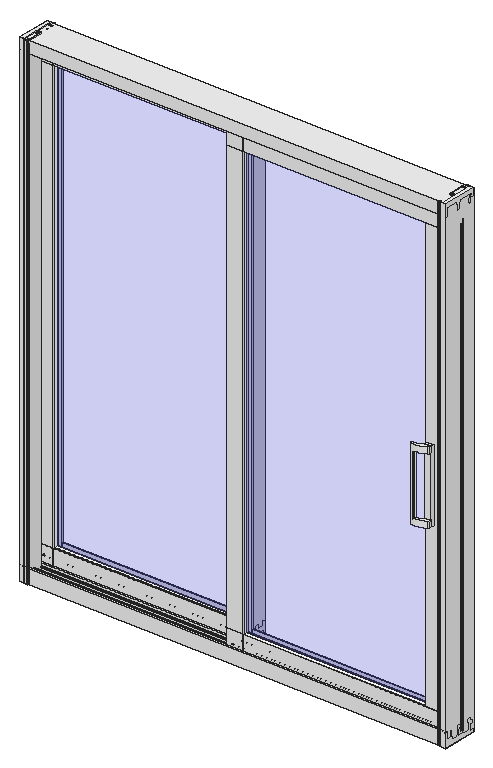
Revit family "Patio-Door_2900_Novatech", category Doors, host Wall, Revit 2026 (continued)
Definition of nested family "NOVATECH_2900_DOOR FRAME"
  Definition of nested family "NOVATECH 650_2 LIGHT_DOOR FRAME_RIGHT"
    Forms (in)
      Extrusion 1, solid, material <- "Frame Material"
        sketch origin (0, 0, 0) x (1, 0, 0) y (0, 1, 0)
          loop
            line (0.762, -0.6555) -> (0.762, -0.7715) -> (0.68, -0.7715) -> (0.68, -0.86114) -> (0.71614, -0.86114) -> (0.71614, -0.8215) -> (0.762, -0.8215) -> (0.762, -1.0275) -> (0.71614, -1.0275) -> (0.71614, -0.98786) -> (0.68, -0.98786) -> (0.68, -1.3155)
            arc (0.68, -1.3155) -> (0.68879, -1.33671) -> (0.71, -1.3455) r 0.03
            line (0.71, -1.3455) -> (0.792, -1.3455)
            arc (0.792, -1.3455) -> (0.81321, -1.33671) -> (0.822, -1.3155) r 0.03
            line (0.822, -1.3155) -> (0.822, -1.26379) -> (0.787, -1.26379) -> (0.787, -1.29536) -> (0.742, -1.29536) -> (0.742, -1.0895) -> (0.787, -1.0895) -> (0.787, -1.13) -> (0.822, -1.13) -> (0.822, -0.6555)
            arc (0.822, -0.6555) -> (0.83079, -0.63429) -> (0.852, -0.6255) r 0.03
            line (0.852, -0.6255) -> (3.03454, -0.6255) -> (3.03454, -0.71826) -> (2.97454, -0.70328) -> (2.97454, -0.75481) -> (3.03454, -0.76979) -> (3.03454, -0.94501) -> (2.89096, -0.90917) -> (2.89096, -0.96756) -> (2.94094, -1.04053) -> (2.94094, -1.11021) -> (2.97594, -1.11021) -> (2.97594, -1.06971) -> (3.02094, -1.06971) -> (3.02094, -1.27571) -> (2.97594, -1.27571) -> (2.97594, -1.23521) -> (2.94094, -1.23521) -> (2.94094, -1.34571) -> (3.30305, -1.34571) -> (3.30305, -1.23521) -> (3.26805, -1.23521) -> (3.26805, -1.27571) -> (3.22305, -1.27571) -> (3.22305, -1.06971) -> (3.26805, -1.06971) -> (3.26805, -1.11021) -> (3.30305, -1.11021) -> (3.30305, -1.04661) -> (3.27373, -1.00473) -> (3.10454, -0.96249) -> (3.10454, -0.78727) -> (3.31952, -0.84094)
            arc (3.31952, -0.84094) -> (3.34983, -0.82274) -> (3.33163, -0.79243) r 0.025
            line (3.33163, -0.79243) -> (3.10454, -0.73573) -> (3.10454, -0.62571) -> (5.6275, -0.62571) -> (5.6275, -1.0395) -> (5.45994, -1.0395) -> (5.45994, -1.13) -> (5.49494, -1.13) -> (5.49494, -1.0895) -> (5.53994, -1.0895) -> (5.53994, -1.1555) -> (5.57494, -1.1555) -> (5.57494, -1.0895) -> (5.6275, -1.0895) -> (5.6275, -1.2955) -> (5.57494, -1.2955) -> (5.57494, -1.2295) -> (5.53994, -1.2295) -> (5.53994, -1.2955) -> (5.49494, -1.2955) -> (5.49494, -1.255) -> (5.45994, -1.255) -> (5.45994, -1.3055)
            arc (5.45994, -1.3055) -> (5.47165, -1.33378) -> (5.49994, -1.3455) r 0.04
            line (5.49994, -1.3455) -> (5.6875, -1.3455) -> (5.6875, 0)
          loop
            arc (0.8713, -1.32675) -> (0.87139, -1.35092) -> (0.85047, -1.36303) r 0.02412
            line (0.85047, -1.36303) -> (0.73998, -1.36303) -> (0.73998, -1.41053) -> (3.2399, -1.41053) -> (3.2399, -1.35443) -> (2.91386, -1.35443) -> (2.91386, -1.22159) -> (2.96303, -1.22159) -> (2.96303, -1.18675) -> (2.90015, -1.14434) -> (2.85386, -1.14434) -> (2.85386, -1.35053) -> (0.94979, -1.35053) -> (0.85606, -1.19005)
            arc (0.85606, -1.19005) -> (0.82352, -1.17278) -> (0.79355, -1.1942) r 0.035
            line (0.79355, -1.1942) -> (0.78003, -1.22653)
            arc (0.78003, -1.22653) -> (0.78156, -1.24247) -> (0.79568, -1.25003) r 0.01696
            line (0.79568, -1.25003) -> (0.82649, -1.25003) -> (0.8713, -1.32675)
        from 8 to 87.5
    Dimensions and locks (in)
      "Length": plane 4 to plane 2
      aligned and locked: plane 4 to Extrusion 1
      aligned and locked: Extrusion 1 to plane 2
    Automatic sketch dimensions
      plane 1 "Center (Front/Back)" to Extrusion 1 sketch curve = 0"
      Extrusion 1 sketch curve to plane 3 "Center (Left/Right)" = 0"
      plane 3 "Center (Left/Right)" to Extrusion 1 sketch curve = 0.06"
      Extrusion 1 sketch curve to Extrusion 1 sketch curve = 0.03"  (x4)
      Extrusion 1 sketch curve to Extrusion 1 sketch curve = 0.59"
      Extrusion 1 sketch curve to Extrusion 1 sketch curve = 0"  (x3)
      Extrusion 1 sketch curve to Extrusion 1 sketch curve = 0.03614"  (x2)
      Extrusion 1 sketch curve to Extrusion 1 sketch curve = 0.052"
      Extrusion 1 sketch curve to Extrusion 1 sketch curve = 0.02998"
      Extrusion 1 sketch curve to Extrusion 1 sketch curve = 0.032"
      Extrusion 1 sketch curve to Extrusion 1 sketch curve = 0.04586"  (x2)
      Extrusion 1 sketch curve to Extrusion 1 sketch curve = 0.03803"
      Extrusion 1 sketch curve to Extrusion 1 sketch curve = 0.045"  (x6)
      Extrusion 1 sketch curve to Extrusion 1 sketch curve = 0.00697"
      Extrusion 1 sketch curve to Extrusion 1 sketch curve = 0.005"  (x2)
      Extrusion 1 sketch curve to Extrusion 1 sketch curve = 0.01351"
      Extrusion 1 sketch curve to Extrusion 1 sketch curve = 0.01565"
      Extrusion 1 sketch curve to Extrusion 1 sketch curve = 0.06"  (x3)
      Extrusion 1 sketch curve to Extrusion 1 sketch curve = 0.03229"
      Extrusion 1 sketch curve to Extrusion 1 sketch curve = 0.00449"
      Extrusion 1 sketch curve to Extrusion 1 sketch curve = 0.02847"
      Extrusion 1 sketch curve to Extrusion 1 sketch curve = 0.03022"
      Extrusion 1 sketch curve to Extrusion 1 sketch curve = 0.02083"
      Extrusion 1 sketch curve to Extrusion 1 sketch curve = 0.07849"
      Extrusion 1 sketch curve to Extrusion 1 sketch curve = 1.90407"
      plane 1 "Center (Front/Back)" to Extrusion 1 sketch curve = 0.90917"
      Extrusion 1 sketch curve to Extrusion 1 sketch curve = 0.03711"
      plane 1 "Center (Front/Back)" to Extrusion 1 sketch curve = 1.14434"
      Extrusion 1 sketch curve to Extrusion 1 sketch curve = 0.04629"
      plane 1 "Center (Front/Back)" to Extrusion 1 sketch curve = 1.04053"
      Extrusion 1 sketch curve to Extrusion 1 sketch curve = 0.04998"
      Extrusion 1 sketch curve to Extrusion 1 sketch curve = 0.02708"
      plane 1 "Center (Front/Back)" to Extrusion 1 sketch curve = 1.18675"
      Extrusion 1 sketch curve to Extrusion 1 sketch curve = 0.02209"
      plane 1 "Center (Front/Back)" to Extrusion 1 sketch curve = 0.75481"
      Extrusion 1 sketch curve to Extrusion 1 sketch curve = 0.08358"
      Extrusion 1 sketch curve to Extrusion 1 sketch curve = 0.035"  (x8)
      Extrusion 1 sketch curve to Extrusion 1 sketch curve = 0.0136"
      Extrusion 1 sketch curve to Extrusion 1 sketch curve = 0.07"  (x3)
      Extrusion 1 sketch curve to Extrusion 1 sketch curve = 0.20211"
      Extrusion 1 sketch curve to Extrusion 1 sketch curve = 0.01686"
      plane 1 "Center (Front/Back)" to Extrusion 1 sketch curve = 1.00473"
      Extrusion 1 sketch curve to Extrusion 1 sketch curve = 0.00569"
      plane 1 "Center (Front/Back)" to Extrusion 1 sketch curve = 1.04661"
      plane 1 "Center (Front/Back)" to Extrusion 1 sketch curve = 0.84094"
      Extrusion 1 sketch curve to Extrusion 1 sketch curve = 0.04578"
      Extrusion 1 sketch curve to Extrusion 1 sketch curve = 0.00606"  (x2)
      plane 1 "Center (Front/Back)" to Extrusion 1 sketch curve = 0.79243"
      plane 1 "Center (Front/Back)" to Extrusion 1 sketch curve = 1.0395"
      Extrusion 1 sketch curve to Extrusion 1 sketch curve = 2.12831"
      Extrusion 1 sketch curve to Extrusion 1 sketch curve = 0.05256"  (x2)
      Extrusion 1 sketch curve to Extrusion 1 sketch curve = 0.22756"
      Extrusion 1 sketch curve to Extrusion 1 sketch curve = 0.00415"
      Extrusion 1 sketch curve to Extrusion 1 sketch curve = 0.03484"
      Extrusion 1 sketch curve to Extrusion 1 sketch curve = 0.03233"
      Extrusion 1 sketch curve to Extrusion 1 sketch curve = 0.19"  (x2)
      Extrusion 1 sketch curve to Extrusion 1 sketch curve = 0.00654"
      Extrusion 1 sketch curve to Extrusion 1 sketch curve = 0.01362"
      Extrusion 1 sketch curve to Extrusion 1 sketch curve = 0.18859"
      Extrusion 1 sketch curve to Extrusion 1 sketch curve = 0.01376"
      Extrusion 1 sketch curve to Extrusion 1 sketch curve = 0.0255"  (x2)
      Extrusion 1 sketch curve to Extrusion 1 sketch curve = 0.0405"  (x7)
      Extrusion 1 sketch curve to Extrusion 1 sketch curve = 0.03157"
      Extrusion 1 sketch curve to Extrusion 1 sketch curve = 0.066"
      Extrusion 1 sketch curve to Extrusion 1 sketch curve = 0.01"
      Extrusion 1 sketch curve to Extrusion 1 sketch curve = 0.02014"
      Extrusion 1 sketch curve to Extrusion 1 sketch curve = 0.01125"
      Extrusion 1 sketch curve to Extrusion 1 sketch curve = 0.01216"
      Extrusion 1 sketch curve to Extrusion 1 sketch curve = 0.02378"
      Extrusion 1 sketch curve to Extrusion 1 sketch curve = 0.00873"
      Extrusion 1 sketch curve to Extrusion 1 sketch curve = 0.0475"
      Extrusion 1 sketch curve to Extrusion 1 sketch curve = 0.074"
      Extrusion 1 sketch curve to Extrusion 1 sketch curve = 0.0642"
      Extrusion 1 sketch curve to Extrusion 1 sketch curve = 0.07654"
      Extrusion 1 sketch curve to Extrusion 1 sketch curve = 0.06359"
      Extrusion 1 sketch curve to Extrusion 1 sketch curve = 0.05"  (x2)
      Extrusion 1 sketch curve to Extrusion 1 sketch curve = 0.062"
      Extrusion 1 sketch curve to Extrusion 1 sketch curve = 0.03964"  (x2)
      Extrusion 1 sketch curve to Extrusion 1 sketch curve = 0.05839"
      Extrusion 1 sketch curve to Extrusion 1 sketch curve = 0.10722"
      Extrusion 1 sketch curve to Extrusion 1 sketch curve = 0.01748"
      Extrusion 1 sketch curve to Extrusion 1 sketch curve = 0.12672"
      Extrusion 1 sketch curve to Extrusion 1 sketch curve = 0.03245"
      Extrusion 1 sketch curve to Extrusion 1 sketch curve = 0.01498"
      Extrusion 1 sketch curve to Extrusion 1 sketch curve = 0.05153"  (x3)
      Extrusion 1 sketch curve to Extrusion 1 sketch curve = 0.116"
      Extrusion 1 sketch curve to Extrusion 1 sketch curve = 0.00021"
      Extrusion 1 sketch curve to Extrusion 1 sketch curve = 0.41379"
  Definition of nested family "HEADER PROFILE"
    Parameters (values of type "HEADER PROFILE")
      Length [instance] = 12"
      Frame Material = none
      Default Elevation = 0"
    Reference planes (in)
      plane 1 "Center (Front/Back)": y = -0.1877
      plane 2: z = 0
      plane 3 "Center (Left/Right)": x = 0
      plane 4: x = 12
    Forms (in)
      Extrusion 1, solid, material <- "Frame Material"
        sketch origin (0, -4.875, -4.50465) x (0, 1, 0) y (0, 0, 1)
          loop
            line (4.6873, 4.50465) -> (-0.9202, 4.50465) -> (-0.9202, 2.62968) -> (-0.7582, 2.62968) -> (-0.7582, 2.73968) -> (-0.8082, 2.73968) -> (-0.8082, 2.69968) -> (-0.8582, 2.69968) -> (-0.8582, 2.90468) -> (-0.8082, 2.90468) -> (-0.8082, 2.86468) -> (-0.7582, 2.86468) -> (-0.7582, 2.97468) -> (-0.8402, 2.97468) -> (-0.8402, 3.87966) -> (1.39689, 3.87966) -> (1.47822, 2.95001) -> (1.42159, 2.95001) -> (1.42159, 2.85751) -> (1.47159, 2.85751) -> (1.47159, 2.89948) -> (1.52159, 2.89948) -> (1.52159, 2.69001) -> (1.47159, 2.69001) -> (1.47159, 2.73251) -> (1.42159, 2.73251) -> (1.42159, 2.64001) -> (1.71609, 2.64001) -> (1.71609, 2.6949) -> (1.76609, 2.6949) -> (1.76609, 2.74512) -> (1.71609, 2.74512) -> (1.71609, 2.85174) -> (1.76609, 2.85174) -> (1.76609, 2.88267) -> (1.74842, 2.91328) -> (1.76024, 3.04839) -> (1.83297, 3.87971) -> (3.9278, 3.87971) -> (3.9278, 3.14127) -> (3.8778, 3.14127) -> (3.8778, 3.05127) -> (3.9128, 3.05127) -> (3.9128, 3.09127) -> (3.9578, 3.09127) -> (3.9578, 2.88627) -> (3.9128, 2.88627) -> (3.9128, 2.92627) -> (3.8778, 2.92627) -> (3.8778, 2.81811) -> (3.9578, 2.81811) -> (3.9578, 2.72506) -> (3.8928, 2.72506) -> (3.8928, 2.61721) -> (4.0078, 2.61721) -> (4.0078, 3.87971) -> (4.30794, 3.87971) -> (4.30794, 3.45825)
            arc (4.30794, 3.45825) -> (4.33794, 3.37971) -> (4.36794, 3.45825) r 0.045
            line (4.36794, 3.45825) -> (4.36794, 3.87971) -> (4.6273, 3.87971) -> (4.6273, 3.25471) -> (4.6873, 3.25471) -> (4.6873, 4.50465)
        from 0 to 12
    Dimensions and locks (in)
      "Length": plane 3 "Center (Left/Right)" to plane 4
      aligned and locked: plane 2 to level
      aligned and locked: Extrusion 1 to plane 4
      aligned and locked: Extrusion 1 to plane 3 "Center (Left/Right)"
    Automatic sketch dimensions
      Extrusion 1 sketch curve to level = 0"
      plane 1 "Center (Front/Back)" to Extrusion 1 sketch curve = 0.06"
      Extrusion 1 sketch curve to Extrusion 1 sketch curve = 0.25936"
      Extrusion 1 sketch curve to Extrusion 1 sketch curve = 0.03"  (x2)
      Extrusion 1 sketch curve to Extrusion 1 sketch curve = 0.06"
      plane 1 "Center (Front/Back)" to Extrusion 1 sketch curve = 0.6795"
      Extrusion 1 sketch curve to Extrusion 1 sketch curve = 0.05"  (x13)
      Extrusion 1 sketch curve to Extrusion 1 sketch curve = 0"  (x6)
      Extrusion 1 sketch curve to Extrusion 1 sketch curve = 0.045"  (x2)
      Extrusion 1 sketch curve to Extrusion 1 sketch curve = 0.065"
      Extrusion 1 sketch curve to Extrusion 1 sketch curve = 0.035"
      Extrusion 1 sketch curve to level = 0.62494"
      Extrusion 1 sketch curve to Extrusion 1 sketch curve = 2.09483"
      Extrusion 1 sketch curve to Extrusion 1 sketch curve = 0.06688"
      Extrusion 1 sketch curve to level = 1.45626"
      Extrusion 1 sketch curve to Extrusion 1 sketch curve = 0.00585"
      Extrusion 1 sketch curve to Extrusion 1 sketch curve = 0.01767"
      Extrusion 1 sketch curve to Extrusion 1 sketch curve = 0.1945"
      Extrusion 1 sketch curve to Extrusion 1 sketch curve = 0.04337"
      Extrusion 1 sketch curve to level = 5/8"
      Extrusion 1 sketch curve to Extrusion 1 sketch curve = 0.43608"
      Extrusion 1 sketch curve to Extrusion 1 sketch curve = 2.17979"
      Extrusion 1 sketch curve to Extrusion 1 sketch curve = 0.032"
      Extrusion 1 sketch curve to Extrusion 1 sketch curve = 0.062"
      Extrusion 1 sketch curve to Extrusion 1 sketch curve = 0.90499"
      Extrusion 1 sketch curve to Extrusion 1 sketch curve = 0.09838"
      Extrusion 1 sketch curve to Extrusion 1 sketch curve = 0.95343"
      Extrusion 1 sketch curve to Extrusion 1 sketch curve = 0.13511"
      Extrusion 1 sketch curve to Extrusion 1 sketch curve = 0.07"  (x2)
      Extrusion 1 sketch curve to Extrusion 1 sketch curve = 0.05053"
      Extrusion 1 sketch curve to Extrusion 1 sketch curve = 0.04"  (x4)
      Extrusion 1 sketch curve to Extrusion 1 sketch curve = 0.03061"
      Extrusion 1 sketch curve to Extrusion 1 sketch curve = 0.04197"
      Extrusion 1 sketch curve to Extrusion 1 sketch curve = 0.03093"
      Extrusion 1 sketch curve to Extrusion 1 sketch curve = 0.06817"
      Extrusion 1 sketch curve to Extrusion 1 sketch curve = 0.10663"
      Extrusion 1 sketch curve to Extrusion 1 sketch curve = 1/8"  (x3)
      Extrusion 1 sketch curve to Extrusion 1 sketch curve = 0.09305"
      Extrusion 1 sketch curve to Extrusion 1 sketch curve = 0.05021"
      Extrusion 1 sketch curve to Extrusion 1 sketch curve = 0.0425"
      Extrusion 1 sketch curve to Extrusion 1 sketch curve = 0.10785"
      Extrusion 1 sketch curve to Extrusion 1 sketch curve = 0.28343"
      Extrusion 1 sketch curve to Extrusion 1 sketch curve = 0.03354"
      Extrusion 1 sketch curve to Extrusion 1 sketch curve = 0.42146"
      plane 1 "Center (Front/Back)" to Extrusion 1 sketch curve = 0"
      Extrusion 1 sketch curve to Extrusion 1 sketch curve = 0.20354"
  Definition of nested family "NOVATECH_650_2 LIGHT_SILL PROFILE"
    Parameters (values of type "SILL PROFILE")
      built-in parameter 1001306 [instance] = 54"
      Frame Material = none
      Default Elevation = 0"
    Reference planes (in)
      plane 1 "Center (Front/Back)": y = 0
      plane 2: z = 0
      plane 3 "Left": x = 0
      plane 4 "Right": x = 54
    Forms (in)
      Extrusion 1, solid, material <- "Frame Material"
        sketch origin (0, -4.875, 0) x (0, -1, 0) y (0, 0, -1)
          loop
            line (-0.66092, -0.83078) -> (-0.48023, -0.83078) -> (-0.48023, -1.25031) -> (-0.37618, -1.25031) -> (-0.37618, -2.02392) -> (-0.41354, -2.02392) -> (-0.40408, -2.117)
            arc (-0.40408, -2.117) -> (-0.3295, -2.18417) -> (-0.25491, -2.11701) r 0.075
            line (-0.25491, -2.11701) -> (-0.24544, -2.02392) -> (-0.28281, -2.02392) -> (-0.2828, -1.25031) -> (0.57249, -1.25032) -> (0.57249, -2.17117) -> (0.49049, -2.17117) -> (0.49049, -2.27317) -> (0.54048, -2.27317) -> (0.54048, -2.23317) -> (0.59048, -2.23317) -> (0.59048, -2.43817) -> (0.54048, -2.43817) -> (0.54048, -2.39817) -> (0.49048, -2.39817) -> (0.49048, -2.50017) -> (0.65248, -2.50017) -> (0.65248, 0) -> (-4.875, 0) -> (-4.875, -0.43683) -> (-4.213, -0.5021) -> (-4.213, -1.48174)
            arc (-4.213, -1.48174) -> (-4.22179, -1.50295) -> (-4.243, -1.51174) r 0.03
            line (-4.243, -1.51174) -> (-4.55575, -1.51174)
            arc (-4.55575, -1.51174) -> (-4.59818, -1.52931) -> (-4.61575, -1.57174) r 0.06
            line (-4.61575, -1.57174) -> (-4.61575, -1.86899) -> (-4.6595, -1.86899)
            arc (-4.6595, -1.86899) -> (-4.5845, -1.94399) -> (-4.5095, -1.86899) r 0.075
            line (-4.5095, -1.86899) -> (-4.55325, -1.86899) -> (-4.55325, -1.57174) -> (-4.243, -1.57174)
            arc (-4.243, -1.57174) -> (-4.22179, -1.58052) -> (-4.213, -1.60174) r 0.03
            line (-4.213, -1.60174) -> (-4.213, -1.96533) -> (-4.245, -1.98033)
            arc (-4.245, -1.98033) -> (-4.26621, -1.98912) -> (-4.275, -2.01033) r 0.03
            line (-4.275, -2.01033) -> (-4.275, -2.28633)
            arc (-4.275, -2.28633) -> (-4.26621, -2.30755) -> (-4.245, -2.31633) r 0.03
            line (-4.245, -2.31633) -> (-4.163, -2.31633)
            arc (-4.163, -2.31633) -> (-4.14179, -2.30755) -> (-4.133, -2.28633) r 0.03
            line (-4.133, -2.28633) -> (-4.133, -2.22583) -> (-4.168, -2.22583) -> (-4.168, -2.26633) -> (-4.213, -2.26633) -> (-4.213, -2.06033) -> (-4.168, -2.06033) -> (-4.168, -2.10083) -> (-4.133, -2.10083) -> (-4.133, -2.01852) -> (-3.88946, -2.01852) -> (-3.88946, -2.11831)
            arc (-3.88946, -2.11831) -> (-3.88351, -2.14437) -> (-3.86683, -2.16525) r 0.06
            line (-3.86683, -2.16525) -> (-3.80434, -2.21499)
            arc (-3.80434, -2.21499) -> (-3.76219, -2.2102) -> (-3.76698, -2.16805) r 0.03
            line (-3.76698, -2.16805) -> (-3.82946, -2.11831) -> (-3.82946, -2.01852)
            arc (-3.82946, -2.01852) -> (-3.84704, -1.97609) -> (-3.88946, -1.95852) r 0.06
            line (-3.88946, -1.95852) -> (-3.926, -1.95852) -> (-3.926, -1.87376)
            arc (-3.926, -1.87376) -> (-3.96023, -1.84232) -> (-3.98955, -1.87764) r 0.0315
            arc (-3.98955, -1.87764) -> (-4.09557, -1.94967) -> (-4.09203, -1.82155) r 0.072
            arc (-4.09203, -1.82155) -> (-4.07488, -1.78616) -> (-4.1056, -1.76162) r 0.0315
            line (-4.1056, -1.76162) -> (-4.133, -1.74244) -> (-4.133, -0.66173) -> (-3.81002, -0.68086) -> (-2.85922, -0.68086) -> (-1.87597, -0.73906) -> (-1.87597, -1.77893) -> (-1.92046, -1.77893) -> (-1.92046, -1.92893)
            arc (-1.92046, -1.92893) -> (-1.92925, -1.95015) -> (-1.95046, -1.95893) r 0.03
            line (-1.95046, -1.95893) -> (-2.25799, -1.95893)
            arc (-2.25799, -1.95893) -> (-2.30041, -1.97651) -> (-2.31799, -2.01893) r 0.06
            line (-2.31799, -2.01893) -> (-2.31799, -2.11872) -> (-2.38048, -2.16846)
            arc (-2.38048, -2.16846) -> (-2.38526, -2.21062) -> (-2.34311, -2.2154) r 0.03
            line (-2.34311, -2.2154) -> (-2.28062, -2.16567)
            arc (-2.28062, -2.16567) -> (-2.26394, -2.14478) -> (-2.25799, -2.11872) r 0.06
            line (-2.25799, -2.11872) -> (-2.25799, -2.01893) -> (-1.89185, -2.01893) -> (-1.89185, -2.29287) -> (-1.81185, -2.29287) -> (-1.81185, -1.84045)
            arc (-1.81185, -1.84045) -> (-1.79047, -1.8075) -> (-1.78297, -1.76893) r 0.103
            line (-1.78297, -1.76893) -> (-1.78297, -1.67615) -> (-1.74286, -1.60939) -> (-1.73319, -1.56387) -> (-1.78297, -1.56387) -> (-1.78297, -0.8386)
            arc (-1.78297, -0.8386) -> (-1.77419, -0.81738) -> (-1.75297, -0.8086) r 0.03
            line (-1.75297, -0.8086) -> (-1.64863, -0.8086) -> (-1.47562, -0.82689) -> (-0.66092, -0.82689)
        from 0 to 54
    Lines and regions (in)
      reference lines
        curve 1: line (0, 0, 0) -> (54, 0, 0)
    Dimensions and locks (in)
      "built-in parameter 1001306": plane 3 "Left" to plane 4 "Right"
      "built-in parameter 1001306": plane 4 "Right" to plane 3 "Left"
      aligned and locked: plane 4 "Right" to curve 1
      aligned and locked: plane 1 "Center (Front/Back)" to curve 1
      aligned and locked: plane 3 "Left" to curve 1
      aligned and locked: level to plane 2
      aligned and locked: plane 4 "Right" to Extrusion 1
      aligned and locked: Extrusion 1 to plane 3 "Left"
    Automatic sketch dimensions
      Extrusion 1 sketch curve to plane 1 "Center (Front/Back)" = 0"
      Extrusion 1 sketch curve to level = 0"
      plane 1 "Center (Front/Back)" to Extrusion 1 sketch curve = 0.2155"
      Extrusion 1 sketch curve to Extrusion 1 sketch curve = 0.04375"
      Extrusion 1 sketch curve to Extrusion 1 sketch curve = 1/32"
      Extrusion 1 sketch curve to Extrusion 1 sketch curve = 0.06"  (x3)
      Extrusion 1 sketch curve to Extrusion 1 sketch curve = 0.0025"
      Extrusion 1 sketch curve to Extrusion 1 sketch curve = 0.2345"
      Extrusion 1 sketch curve to Extrusion 1 sketch curve = 0.03"  (x5)
      Extrusion 1 sketch curve to Extrusion 1 sketch curve = 0.31025"
      Extrusion 1 sketch curve to Extrusion 1 sketch curve = 0"  (x19)
      plane 1 "Center (Front/Back)" to Extrusion 1 sketch curve = 0.662"
      Extrusion 1 sketch curve to Extrusion 1 sketch curve = 0.032"  (x2)
      Extrusion 1 sketch curve to Extrusion 1 sketch curve = 0.045"  (x2)
      Extrusion 1 sketch curve to Extrusion 1 sketch curve = 0.005"
      Extrusion 1 sketch curve to Extrusion 1 sketch curve = 0.035"  (x2)
      Extrusion 1 sketch curve to Extrusion 1 sketch curve = 0.08"  (x2)
      Extrusion 1 sketch curve to Extrusion 1 sketch curve = 0.0446"
      Extrusion 1 sketch curve to Extrusion 1 sketch curve = 0.10271"
      Extrusion 1 sketch curve to Extrusion 1 sketch curve = 0.03229"
      Extrusion 1 sketch curve to Extrusion 1 sketch curve = 0.03654"
      Extrusion 1 sketch curve to Extrusion 1 sketch curve = 0.02263"
      Extrusion 1 sketch curve to Extrusion 1 sketch curve = 0.32298"
      Extrusion 1 sketch curve to Extrusion 1 sketch curve = 1/16"  (x2)
      Extrusion 1 sketch curve to Extrusion 1 sketch curve = 0.01868"  (x4)
      level to Extrusion 1 sketch curve = 0.68086"
      Extrusion 1 sketch curve to Extrusion 1 sketch curve = 0.9508"
      Extrusion 1 sketch curve to Extrusion 1 sketch curve = 1.3865"
      Extrusion 1 sketch curve to Extrusion 1 sketch curve = 0.03737"
      Extrusion 1 sketch curve to Extrusion 1 sketch curve = 0.30753"
      Extrusion 1 sketch curve to Extrusion 1 sketch curve = 15/256"
      Extrusion 1 sketch curve to Extrusion 1 sketch curve = 0.03449"
      Extrusion 1 sketch curve to Extrusion 1 sketch curve = 0.01"  (x2)
      Extrusion 1 sketch curve to Extrusion 1 sketch curve = 0.103"
      Extrusion 1 sketch curve to Extrusion 1 sketch curve = 0.02888"
      Extrusion 1 sketch curve to Extrusion 1 sketch curve = 0.04011"
      Extrusion 1 sketch curve to Extrusion 1 sketch curve = 0.00968"
      level to Extrusion 1 sketch curve = 207/256"
      Extrusion 1 sketch curve to Extrusion 1 sketch curve = 0.10434"
      Extrusion 1 sketch curve to Extrusion 1 sketch curve = 0.17302"
      level to Extrusion 1 sketch curve = 1.25031"  (x2)
      Extrusion 1 sketch curve to Extrusion 1 sketch curve = 0.99538"
      level to Extrusion 1 sketch curve = 0.83078"
      Extrusion 1 sketch curve to Extrusion 1 sketch curve = 0.06669"
      level to Extrusion 1 sketch curve = 2.117"
      Extrusion 1 sketch curve to Extrusion 1 sketch curve = 0.00946"
      Extrusion 1 sketch curve to Extrusion 1 sketch curve = 0.10405"
      Extrusion 1 sketch curve to Extrusion 1 sketch curve = 0.07459"
      Extrusion 1 sketch curve to Extrusion 1 sketch curve = 0.09337"
      Extrusion 1 sketch curve to Extrusion 1 sketch curve = 0.09338"
      level to Extrusion 1 sketch curve = 2.11701"
      Extrusion 1 sketch curve to Extrusion 1 sketch curve = 0.03736"
      Extrusion 1 sketch curve to Extrusion 1 sketch curve = 0.74539"
      level to Extrusion 1 sketch curve = 2.17117"
      Extrusion 1 sketch curve to Extrusion 1 sketch curve = 0.05"  (x4)
      Extrusion 1 sketch curve to Extrusion 1 sketch curve = 0.07999"
      Extrusion 1 sketch curve to Extrusion 1 sketch curve = 1.51066"
      Extrusion 1 sketch curve to Extrusion 1 sketch curve = 0.00041"
      Extrusion 1 sketch curve to Extrusion 1 sketch curve = 0.02347"  (x2)
      Extrusion 1 sketch curve to Extrusion 1 sketch curve = 0.01084"
      Extrusion 1 sketch curve to Extrusion 1 sketch curve = 0.062"  (x3)
      Extrusion 1 sketch curve to Extrusion 1 sketch curve = 0.0405"  (x2)
      Extrusion 1 sketch curve to Extrusion 1 sketch curve = 0.04"  (x2)
      Extrusion 1 sketch curve to Extrusion 1 sketch curve = 0.02"
      Extrusion 1 sketch curve to Extrusion 1 sketch curve = 0.07746"
      Extrusion 1 sketch curve to Extrusion 1 sketch curve = 1/8"  (x2)
      Extrusion 1 sketch curve to Extrusion 1 sketch curve = 0.04974"  (x2)
      Extrusion 1 sketch curve to Extrusion 1 sketch curve = 0.00784"
      Extrusion 1 sketch curve to Extrusion 1 sketch curve = 0.09308"
      Extrusion 1 sketch curve to Extrusion 1 sketch curve = 0.09979"  (x2)
      Extrusion 1 sketch curve to Extrusion 1 sketch curve = 0.015"
      Extrusion 1 sketch curve to Extrusion 1 sketch curve = 0.132"
      Extrusion 1 sketch curve to Extrusion 1 sketch curve = 0.08476"
      Extrusion 1 sketch curve to Extrusion 1 sketch curve = 0.14134"
      Extrusion 1 sketch curve to Extrusion 1 sketch curve = 0.08848"
      Extrusion 1 sketch curve to Extrusion 1 sketch curve = 0.0934"
      Extrusion 1 sketch curve to Extrusion 1 sketch curve = 0.09278"
      Extrusion 1 sketch curve to Extrusion 1 sketch curve = 0.06676"
      Extrusion 1 sketch curve to Extrusion 1 sketch curve = 0.19139"
      Extrusion 1 sketch curve to Extrusion 1 sketch curve = 0.04552"
      Extrusion 1 sketch curve to Extrusion 1 sketch curve = 0.0183"
      Extrusion 1 sketch curve to Extrusion 1 sketch curve = 0.09953"
      Extrusion 1 sketch curve to Extrusion 1 sketch curve = 0.01913"
      Extrusion 1 sketch curve to Extrusion 1 sketch curve = 0.15963"
      level to Extrusion 1 sketch curve = 0.43683"
      Extrusion 1 sketch curve to Extrusion 1 sketch curve = 0.01357"
      Extrusion 1 sketch curve to Extrusion 1 sketch curve = 0.18069"
      Extrusion 1 sketch curve to Extrusion 1 sketch curve = 0.01918"
  Definition of nested family "NOVATECH 650_2 LIGHT_DOOR FRAME_LEFT"
    Parameters (values of type "NOVATECH 650_2 LIGHT_DOOR FRAME_LEFT")
      Length [instance] = 95 1/2"
      Frame Material = none
      Default Elevation = 0"
    Reference planes (in)
      plane 1 "Center (Front/Back)": y = 0
      plane 2: z = 16.21833
      plane 3 "Center (Left/Right)": x = 0
      plane 4: z = 111.71833
    Forms (in)
      Extrusion 1, solid, material <- "Frame Material"
        sketch origin (0, 0, 0) x (1, 0, 0) y (0, 1, 0)
          loop
            line (0, 0) -> (0, -1.34521) -> (0.18756, -1.34521)
            arc (0.18756, -1.34521) -> (0.21585, -1.33349) -> (0.22756, -1.30521) r 0.04
            line (0.22756, -1.30521) -> (0.22756, -1.25471) -> (0.19256, -1.25471) -> (0.19256, -1.29521) -> (0.14756, -1.29521) -> (0.14756, -1.22921) -> (0.11256, -1.22921) -> (0.11256, -1.29521) -> (0.06, -1.29521) -> (0.06, -1.08921) -> (0.11256, -1.08921) -> (0.11256, -1.15521) -> (0.14756, -1.15521) -> (0.14756, -1.08921) -> (0.19256, -1.08921) -> (0.19256, -1.12971) -> (0.22756, -1.12971) -> (0.22756, -1.03921) -> (0.06, -1.03921) -> (0.06, -0.62132) -> (2.52046, -0.62132) -> (2.52046, -0.73544) -> (2.29337, -0.79214)
            arc (2.29337, -0.79214) -> (2.27517, -0.82245) -> (2.30548, -0.84065) r 0.025
            line (2.30548, -0.84065) -> (2.52046, -0.78698) -> (2.52046, -0.96219) -> (2.35127, -1.00443) -> (2.32195, -1.04632) -> (2.32195, -1.10991) -> (2.35695, -1.10991) -> (2.35695, -1.06941) -> (2.40195, -1.06941) -> (2.40195, -1.27541) -> (2.35695, -1.27541) -> (2.35695, -1.23491) -> (2.32195, -1.23491) -> (2.32195, -1.31541)
            arc (2.32195, -1.31541) -> (2.33074, -1.33663) -> (2.35195, -1.34541) r 0.03
            line (2.35195, -1.34541) -> (2.68406, -1.34541) -> (2.68406, -1.23491) -> (2.64906, -1.23491) -> (2.64906, -1.27541) -> (2.60406, -1.27541) -> (2.60406, -1.06941) -> (2.64906, -1.06941) -> (2.64906, -1.10991) -> (2.68406, -1.10991) -> (2.68406, -1.04024) -> (2.73404, -0.96727) -> (2.73404, -0.90888) -> (2.59046, -0.94472) -> (2.59046, -0.7695) -> (2.65046, -0.75452) -> (2.65046, -0.70299) -> (2.59046, -0.71797) -> (2.59046, -0.62541) -> (4.8655, -0.62541) -> (4.8655, -1.12914) -> (4.9005, -1.12914) -> (4.9005, -1.0895) -> (4.9455, -1.0895) -> (4.9455, -1.2955) -> (4.9005, -1.2955) -> (4.9005, -1.255) -> (4.8655, -1.255) -> (4.8655, -1.3155)
            arc (4.8655, -1.3155) -> (4.87429, -1.33671) -> (4.8955, -1.3455) r 0.03
            line (4.8955, -1.3455) -> (4.9775, -1.3455)
            arc (4.9775, -1.3455) -> (4.99871, -1.33671) -> (5.0075, -1.3155) r 0.03
            line (5.0075, -1.3155) -> (5.0075, -0.987) -> (4.9725, -0.987) -> (4.9725, -1.0275) -> (4.9255, -1.0275) -> (4.9255, -0.8215) -> (4.9725, -0.8215) -> (4.9725, -0.862) -> (5.0075, -0.862) -> (5.0075, -0.7715) -> (4.9255, -0.7715) -> (4.9255, -0.62541) -> (5.6275, -0.62541) -> (5.6275, -1.12521) -> (5.6875, -1.12521) -> (5.6875, 0) -> (0, 0)
          loop
            line (2.62092, -1.41024) -> (2.62092, -1.35414) -> (2.28634, -1.35414) -> (2.28634, -1.22129) -> (2.35445, -1.22129) -> (2.33359, -1.18516) -> (2.27263, -1.14404) -> (2.22634, -1.14404) -> (2.22634, -1.35024) -> (0.3933, -1.35024) -> (0.29958, -1.18976)
            arc (0.29958, -1.18976) -> (0.26703, -1.17249) -> (0.23706, -1.19391) r 0.035
            line (0.23706, -1.19391) -> (0.22364, -1.22603)
            arc (0.22364, -1.22603) -> (0.22518, -1.24211) -> (0.23942, -1.24974) r 0.01711
            line (0.23942, -1.24974) -> (0.27058, -1.24974) -> (0.31952, -1.33355)
            arc (0.31952, -1.33355) -> (0.3196, -1.35299) -> (0.30277, -1.36274) r 0.0194
            line (0.30277, -1.36274) -> (0.1835, -1.36274) -> (0.1835, -1.41024) -> (2.62092, -1.41024)
        from 16.21833 to 111.71833
    Dimensions and locks (in)
      "Length": plane 4 to plane 2
      aligned and locked: plane 4 to Extrusion 1
      aligned and locked: Extrusion 1 to plane 2
    Automatic sketch dimensions
      Extrusion 1 sketch curve to plane 3 "Center (Left/Right)" = 0"
      plane 1 "Center (Front/Back)" to Extrusion 1 sketch curve = 0"
      plane 3 "Center (Left/Right)" to Extrusion 1 sketch curve = 0.06"  (x2)
      Extrusion 1 sketch curve to Extrusion 1 sketch curve = 0.05256"  (x2)
      Extrusion 1 sketch curve to Extrusion 1 sketch curve = 0.035"  (x8)
      Extrusion 1 sketch curve to Extrusion 1 sketch curve = 0.03593"
      Extrusion 1 sketch curve to Extrusion 1 sketch curve = 0.00407"
      Extrusion 1 sketch curve to Extrusion 1 sketch curve = 0.045"  (x4)
      Extrusion 1 sketch curve to Extrusion 1 sketch curve = 0.005"  (x2)
      Extrusion 1 sketch curve to Extrusion 1 sketch curve = 0.03107"
      Extrusion 1 sketch curve to Extrusion 1 sketch curve = 0.00393"
      Extrusion 1 sketch curve to Extrusion 1 sketch curve = 0.01342"
      Extrusion 1 sketch curve to Extrusion 1 sketch curve = 0.01578"
      Extrusion 1 sketch curve to Extrusion 1 sketch curve = 0.03229"
      Extrusion 1 sketch curve to Extrusion 1 sketch curve = 0.03115"
      Extrusion 1 sketch curve to Extrusion 1 sketch curve = 0.0752"
      Extrusion 1 sketch curve to Extrusion 1 sketch curve = 0.01675"
      Extrusion 1 sketch curve to Extrusion 1 sketch curve = 0.07378"
      Extrusion 1 sketch curve to Extrusion 1 sketch curve = 1.83304"
      plane 1 "Center (Front/Back)" to Extrusion 1 sketch curve = 1.14404"
      Extrusion 1 sketch curve to Extrusion 1 sketch curve = 0.04629"
      Extrusion 1 sketch curve to Extrusion 1 sketch curve = 0.01371"
      plane 1 "Center (Front/Back)" to Extrusion 1 sketch curve = 0.79214"
      Extrusion 1 sketch curve to Extrusion 1 sketch curve = 0.02074"
      Extrusion 1 sketch curve to Extrusion 1 sketch curve = 0.00606"  (x2)
      plane 1 "Center (Front/Back)" to Extrusion 1 sketch curve = 0.84065"
      Extrusion 1 sketch curve to Extrusion 1 sketch curve = 0.03561"
      Extrusion 1 sketch curve to Extrusion 1 sketch curve = 0.04932"
      plane 1 "Center (Front/Back)" to Extrusion 1 sketch curve = 1.18516"
      Extrusion 1 sketch curve to Extrusion 1 sketch curve = 0.01163"
      plane 1 "Center (Front/Back)" to Extrusion 1 sketch curve = 1.00443"
      Extrusion 1 sketch curve to Extrusion 1 sketch curve = 0.02931"
      Extrusion 1 sketch curve to Extrusion 1 sketch curve = 0.03"  (x3)
      Extrusion 1 sketch curve to Extrusion 1 sketch curve = 0.03249"
      Extrusion 1 sketch curve to Extrusion 1 sketch curve = 0.00251"
      Extrusion 1 sketch curve to Extrusion 1 sketch curve = 0.22709"
      Extrusion 1 sketch curve to Extrusion 1 sketch curve = 0"  (x6)
      plane 1 "Center (Front/Back)" to Extrusion 1 sketch curve = 0.71797"
      Extrusion 1 sketch curve to Extrusion 1 sketch curve = 0.07"
      plane 1 "Center (Front/Back)" to Extrusion 1 sketch curve = 0.7695"
      Extrusion 1 sketch curve to Extrusion 1 sketch curve = 0.0136"
      Extrusion 1 sketch curve to Extrusion 1 sketch curve = 0.01686"
      plane 1 "Center (Front/Back)" to Extrusion 1 sketch curve = 0.70299"
      Extrusion 1 sketch curve to Extrusion 1 sketch curve = 0.06"  (x3)
      Extrusion 1 sketch curve to Extrusion 1 sketch curve = 0.06314"
      plane 1 "Center (Front/Back)" to Extrusion 1 sketch curve = 0.96727"
      Extrusion 1 sketch curve to Extrusion 1 sketch curve = 0.04998"
      Extrusion 1 sketch curve to Extrusion 1 sketch curve = 2.13146"
      Extrusion 1 sketch curve to Extrusion 1 sketch curve = 0.032"
      Extrusion 1 sketch curve to Extrusion 1 sketch curve = 0.62"
      plane 1 "Center (Front/Back)" to Extrusion 1 sketch curve = 1.19391"
      Extrusion 1 sketch curve to Extrusion 1 sketch curve = 0.0135"
      Extrusion 1 sketch curve to Extrusion 1 sketch curve = 0.03613"
      Extrusion 1 sketch curve to Extrusion 1 sketch curve = 0.03212"
      Extrusion 1 sketch curve to Extrusion 1 sketch curve = 0.00318"
      Extrusion 1 sketch curve to Extrusion 1 sketch curve = 0.0066"
      Extrusion 1 sketch curve to Extrusion 1 sketch curve = 0.01362"
      Extrusion 1 sketch curve to Extrusion 1 sketch curve = 0.26764"
      Extrusion 1 sketch curve to Extrusion 1 sketch curve = 0.00497"
      Extrusion 1 sketch curve to Extrusion 1 sketch curve = 0.0405"  (x8)
      Extrusion 1 sketch curve to Extrusion 1 sketch curve = 0.066"  (x2)
      Extrusion 1 sketch curve to Extrusion 1 sketch curve = 0.01"
      Extrusion 1 sketch curve to Extrusion 1 sketch curve = 0.04"
      Extrusion 1 sketch curve to Extrusion 1 sketch curve = 0.02"
      Extrusion 1 sketch curve to Extrusion 1 sketch curve = 0.02834"
      Extrusion 1 sketch curve to Extrusion 1 sketch curve = 0.00979"
      Extrusion 1 sketch curve to Extrusion 1 sketch curve = 0.03482"
      Extrusion 1 sketch curve to Extrusion 1 sketch curve = 0.03873"
      Extrusion 1 sketch curve to Extrusion 1 sketch curve = 0.05609"
      Extrusion 1 sketch curve to Extrusion 1 sketch curve = 0.074"
      Extrusion 1 sketch curve to Extrusion 1 sketch curve = 0.0642"
      Extrusion 1 sketch curve to Extrusion 1 sketch curve = 0.12586"
      Extrusion 1 sketch curve to Extrusion 1 sketch curve = 0.19029"
      Extrusion 1 sketch curve to Extrusion 1 sketch curve = 0.03413"
      Extrusion 1 sketch curve to Extrusion 1 sketch curve = 1/8"  (x2)
      Extrusion 1 sketch curve to Extrusion 1 sketch curve = 0.03964"
      Extrusion 1 sketch curve to Extrusion 1 sketch curve = 0.02309"
      Extrusion 1 sketch curve to Extrusion 1 sketch curve = 0.02918"
      Extrusion 1 sketch curve to Extrusion 1 sketch curve = 0.05"  (x2)
      Extrusion 1 sketch curve to Extrusion 1 sketch curve = 0.10722"
      Extrusion 1 sketch curve to Extrusion 1 sketch curve = 0.01748"  (x2)
      Extrusion 1 sketch curve to Extrusion 1 sketch curve = 0.05839"
      Extrusion 1 sketch curve to Extrusion 1 sketch curve = 0.05153"  (x2)
      Extrusion 1 sketch curve to Extrusion 1 sketch curve = 0.41789"
      Extrusion 1 sketch curve to Extrusion 1 sketch curve = 0.03022"
      Extrusion 1 sketch curve to Extrusion 1 sketch curve = 0.025"
      Extrusion 1 sketch curve to Extrusion 1 sketch curve = 0.047"  (x2)
      Extrusion 1 sketch curve to Extrusion 1 sketch curve = 0.062"
      Extrusion 1 sketch curve to Extrusion 1 sketch curve = 0.14608"
      Extrusion 1 sketch curve to Extrusion 1 sketch curve = 0.00409"
Types (3): name | Width Sash X | Width Sash O | Model_Sash to Reference Line | Rough Width | Width
  58 1/4"W X 80 3/8"H | 29 5/8" | 29 5/8" | 28 1/2" | 58 3/4" | 58 1/4"
  70 1/4"W X 80 3/8"H | 35 5/8" | 35 5/8" | 34 1/2" | 70 3/4" | 70 1/4"
  94 1/4"W X 80 3/8"H | 47 5/8" | 47 5/8" | 46 1/2" | 94 3/4" | 94 1/4"
